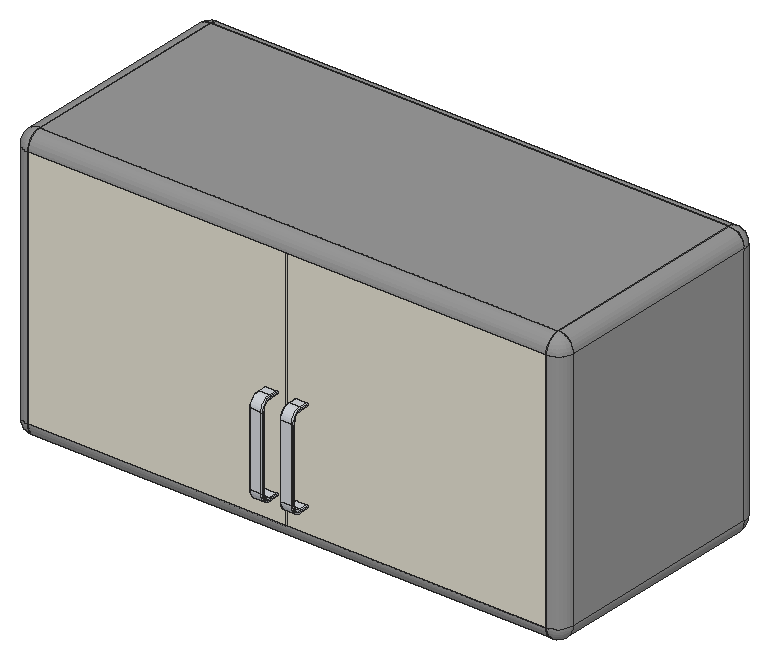
Revit family "Шкаф медицинский навесной двухдверный ДМ-2-002-04", category Оборудование, Revit 2017
Family settings
  Размер круглого соединителя = Использовать диаметр
  Тип детали = Нормальный
  На основе рабочей плоскости = Нет
  Всегда вертикально = Да
  При загрузке вырезать с полостями = Нет
  Общий = Нет
  Точка расчета площади = Нет
Parameters (values of type "Тип")
  Фасад = Столешница медицинской мебели ДСП с пластиковым покрытием
  Ручки = Алюминий 7075
  Панели = Пластмасса, непрозрачная, белая
  Общ_Ширина = 900.0 mm
  Общ_Тип, марка = "ДМ-2-002-04"
  Общ_Примечание КР [instance] = ""
  Общ_Примечание АР [instance] = ""
  Общ_Примечание = ""
  Общ_Поставщик = "Доктор Мебель"
  Общ_Позиция = ""
  Общ_Наименование = "Шкаф медицинский навесной двухдверный"
  Общ_Масса = ""
  Общ_Код продукции = ""
  Общ_Единицы измерения = "шт."
  Общ_Глубина = 400.0 mm
  Общ_Высота = 450.0 mm
  Ножки = Пластмасса, непрозрачная, черная
  Keynote = ""
  Каркас = Алюминий 7075
  Длина ручек = 150.0 mm
  Model = ""
Reference planes
  plane 1 "По центру (Вперед/Назад)": y = 0
  plane 2: z = 0
  plane 3 "По центру (Влево/Вправо)": x = 0
  plane 4: x = 450
  plane 5: x = -450
  plane 6: y = 200
  plane 7: y = -200
  plane 8: y = 175
  plane 9: y = -175
  plane 10: x = 425
  plane 11: x = -425
Forms (mm)
  Extrusion 1, solid, material "Алюминий 7075" <- "Каркас", detail levels fine
    sketch origin (0, 0, 0) x (1, 0, 0) y (0, 1, 0)
      loop
        arc (-425, 200) -> (-442.678, 192.678) -> (-450, 175) r 25
        line (-450, 175) -> (-425, 175) -> (-425, 200)
      loop
        line (425, 200) -> (425, 175) -> (450, 175)
        arc (450, 175) -> (442.678, 192.678) -> (425, 200) r 25
      loop
        line (450, -175) -> (425, -175) -> (425, -200)
        arc (425, -200) -> (442.678, -192.678) -> (450, -175) r 25
      loop
        line (-425, -200) -> (-425, -175) -> (-450, -175)
        arc (-450, -175) -> (-442.678, -192.678) -> (-425, -200) r 25
    from 425 to 25
  Extrusion 2, solid, material "Пластмасса, непрозрачная, белая" <- "Панели", detail levels fine
    sketch origin (0, 0, 0) x (1, 0, 0) y (0, 1, 0)
      loop
        line (-425, 175) -> (-425, -175) -> (425, -175) -> (425, 175) -> (-425, 175)
    from 434 to 450
  Extrusion 3, solid, material "Столешница медицинской мебели ДСП с пластиковым покрытием" <- "Фасад", detail levels fine
    sketch origin (0, 0, 0) x (1, 0, 0) y (0, 1, 0)
      loop
        line (425, -184) -> (1, -184) -> (1, -200) -> (425, -200) -> (425, -184)
      loop
        line (-425, -184) -> (-425, -200) -> (-1, -200) -> (-1, -184) -> (-425, -184)
    from 25 to 425
  Revolve 4, solid, material "Алюминий 7075" <- "Каркас", detail levels fine
    sketch origin (0, 175, -50) x (-1, 0, 0) y (0, 0, 1)
      loop
        arc (-425, 500) -> (-442.678, 492.678) -> (-450, 475) r 25
        line (-450, 475) -> (-425, 475) -> (-425, 500)
      axis (-425, 500) -> (-425, 475)
    angle from 0 to -90
  Revolve 5, solid, material "Алюминий 7075" <- "Каркас", detail levels fine
    sketch origin (0, 175, -50) x (-1, 0, 0) y (0, 0, 1)
      loop
        line (425, 500) -> (425, 475) -> (450, 475)
        arc (450, 475) -> (442.678, 492.678) -> (425, 500) r 25
      axis (425, 500) -> (425, 475)
    angle from 0 to -90
  Revolve 6, solid, material "Алюминий 7075" <- "Каркас", detail levels fine
    sketch origin (0, -175, -50) x (-1, 0, 0) y (0, 0, -1)
      loop
        line (-425, -500) -> (-425, -475) -> (-450, -475)
        arc (-450, -475) -> (-442.678, -492.678) -> (-425, -500) r 25
      axis (-425, -500) -> (-425, -475)
    angle from 0 to -90
  Revolve 7, solid, material "Алюминий 7075" <- "Каркас", detail levels fine
    sketch origin (0, -175, -50) x (-1, 0, 0) y (0, 0, -1)
      loop
        arc (425, -500) -> (442.678, -492.678) -> (450, -475) r 25
        line (450, -475) -> (425, -475) -> (425, -500)
      axis (425, -500) -> (425, -475)
    angle from 0 to -90
  Extrusion 8, solid, material "Алюминий 7075" <- "Каркас", detail levels fine
    sketch origin (-450, 760, -50) x (0, 1, 0) y (0, 0, 1)
      loop
        arc (-560, 475) -> (-567.322, 492.678) -> (-585, 500) r 25
        line (-585, 500) -> (-585, 475) -> (-560, 475)
      loop
        line (-960, 475) -> (-935, 475) -> (-935, 500)
        arc (-935, 500) -> (-952.678, 492.678) -> (-960, 475) r 25
    from 25 to 875
  Extrusion 9, solid, material "Алюминий 7075" <- "Каркас", detail levels fine
    sketch origin (-450, 760, 500) x (0, 1, 0) y (0, 0, 1)
      loop
        line (-560, -475) -> (-585, -475) -> (-585, -500)
        arc (-585, -500) -> (-567.322, -492.678) -> (-560, -475) r 25
      loop
        arc (-960, -475) -> (-952.678, -492.678) -> (-935, -500) r 25
        line (-935, -500) -> (-935, -475) -> (-960, -475)
    from 25 to 875
  Extrusion 10, solid, material "Алюминий 7075" <- "Каркас", detail levels fine
    sketch origin (-590, -200, 500) x (-1, 0, 0) y (0, 0, 1)
      loop
        line (-140, -475) -> (-165, -475) -> (-165, -500)
        arc (-165, -500) -> (-147.322, -492.678) -> (-140, -475) r 25
      loop
        arc (-1040, -475) -> (-1032.678, -492.678) -> (-1015, -500) r 25
        line (-1015, -500) -> (-1015, -475) -> (-1040, -475)
    from 25 to 375
  Extrusion 11, solid, material "Пластмасса, непрозрачная, белая" <- "Панели", detail levels fine
    sketch origin (0, 0, 0) x (1, 0, 0) y (0, 1, 0)
      loop
        line (-450, -175) -> (425, -175) -> (450, -175) -> (450, 175) -> (425, 175) -> (425, 200) -> (-425, 200) -> (-425, 175) -> (-450, 175) -> (-450, -175)
    from 25 to 425
  Extrusion 12, solid, material "Пластмасса, непрозрачная, белая" <- "Панели", detail levels fine
    sketch origin (0, 0, 0) x (1, 0, 0) y (0, 1, 0)
      loop
        line (-425, 175) -> (-425, -175) -> (425, -175) -> (425, 175) -> (-425, 175)
    from 0 to 25
  Revolve 13, solid, material "Алюминий 7075" <- "Каркас", detail levels fine
    sketch origin (0, 175, 500) x (-1, 0, 0) y (0, 0, 1)
      loop
        line (-425, -500) -> (-425, -475) -> (-450, -475)
        arc (-450, -475) -> (-442.678, -492.678) -> (-425, -500) r 25
      axis (-425, -500) -> (-425, -475)
    angle from 0 to -90
  Revolve 14, solid, material "Алюминий 7075" <- "Каркас", detail levels fine
    sketch origin (0, 175, 500) x (-1, 0, 0) y (0, 0, 1)
      loop
        arc (425, -500) -> (442.678, -492.678) -> (450, -475) r 25
        line (450, -475) -> (425, -475) -> (425, -500)
      axis (425, -500) -> (425, -475)
    angle from 0 to -90
  Revolve 15, solid, material "Алюминий 7075" <- "Каркас", detail levels fine
    sketch origin (0, -175, 500) x (-1, 0, 0) y (0, 0, -1)
      loop
        arc (-425, 500) -> (-442.678, 492.678) -> (-450, 475) r 25
        line (-450, 475) -> (-425, 475) -> (-425, 500)
      axis (-425, 500) -> (-425, 475)
    angle from 0 to -90
  Revolve 16, solid, material "Алюминий 7075" <- "Каркас", detail levels fine
    sketch origin (0, -175, 500) x (-1, 0, 0) y (0, 0, -1)
      loop
        line (425, 500) -> (425, 475) -> (450, 475)
        arc (450, 475) -> (442.678, 492.678) -> (425, 500) r 25
      axis (425, 500) -> (425, 475)
    angle from 0 to -90
  Extrusion 17, solid, material "Алюминий 7075" <- "Каркас", detail levels fine
    sketch origin (-590, -200, -50) x (-1, 0, 0) y (0, 0, 1)
      loop
        arc (-140, 475) -> (-147.322, 492.678) -> (-165, 500) r 25
        line (-165, 500) -> (-165, 475) -> (-140, 475)
      loop
        line (-1040, 475) -> (-1015, 475) -> (-1015, 500)
        arc (-1015, 500) -> (-1032.678, 492.678) -> (-1040, 475) r 25
    from 25 to 375
Lines and regions (mm)
  symbolic lines, detail levels coarse+medium
    curve 1: line (-450, 200, 0) -> (450, 200, 0)
    curve 2: line (-450, -200, 0) -> (-450, 200, 0)
    curve 3: line (450, -200, 0) -> (-450, -200, 0)
    curve 4: line (450, 200, 0) -> (450, -200, 0)
    curve 5: line (-450, -200, 0) -> (0, 200, 0)
    curve 6: line (450, -200, 0) -> (0, 200, 0)
Dimensions and locks
  "Общ_Глубина": plane 6 to plane 7
  locked: plane 9 to plane 7 at 25
  locked: plane 6 to plane 8 at 25
  equal spacing: plane 6, plane 1 "По центру (Вперед/Назад)", plane 7
  equal spacing: plane 5, plane 3 "По центру (Влево/Вправо)", plane 4
  "Общ_Ширина": plane 5 to plane 4
  locked: plane 5 to plane 11 at 25
  locked: plane 10 to plane 4 at 25
  aligned and locked: level to plane 2
Automatic sketch dimensions
  Extrusion 1 sketch curve to plane 5 = 0.0 mm  (x2)
  Extrusion 1 sketch curve to plane 8 = 0.0 mm  (x2)
  Extrusion 1 sketch curve to plane 6 = 0.0 mm  (x2)
  plane 9 to Extrusion 1 sketch curve = 0.0 mm  (x2)
  Extrusion 1 sketch curve to plane 7 = 0.0 mm  (x2)
  Extrusion 1 sketch curve to plane 4 = 0.0 mm  (x2)
  plane 9 to Extrusion 2 sketch curve = 0.0 mm
  Extrusion 2 sketch curve to plane 8 = 0.0 mm
  plane 5 to Extrusion 2 sketch curve = 25.0 mm
  Extrusion 2 sketch curve to plane 4 = 25.0 mm
  Extrusion 3 sketch curve to plane 7 = 0.0 mm  (x2)
  plane 9 to Extrusion 3 sketch curve = 9.0 mm
  plane 5 to Extrusion 3 sketch curve = 25.0 mm
  Extrusion 3 sketch curve to plane 3 "По центру (Влево/Вправо)" = 1.0 mm
  plane 3 "По центру (Влево/Вправо)" to Extrusion 3 sketch curve = 1.0 mm
  Extrusion 3 sketch curve to plane 4 = 25.0 mm
  Extrusion 3 sketch curve to Extrusion 3 sketch curve = 0.0 mm
  Revolve 4 sketch curve to plane 4 = 0.0 mm
  Revolve 4 sketch curve to Revolve 4 sketch curve = 25.0 mm  (x2)
  level to Revolve 4 sketch curve = 425.0 mm
  Revolve 4 sketch curve to plane 4 = 25.0 mm
  Revolve 4 sketch curve to Revolve 4 sketch curve = 35.0 mm
  Revolve 5 sketch curve to plane 5 = 0.0 mm
  plane 5 to Revolve 5 sketch curve = 25.0 mm
  level to Revolve 5 sketch curve = 425.0 mm
  Revolve 5 sketch curve to Revolve 5 sketch curve = 0.0 mm
  Revolve 5 sketch curve to Revolve 5 sketch curve = 10.0 mm
  Revolve 5 sketch curve to Revolve 5 sketch curve = 18.44 mm
  Revolve 6 sketch curve to plane 4 = 0.0 mm
  Revolve 6 sketch curve to Revolve 6 sketch curve = 25.0 mm  (x2)
  level to Revolve 6 sketch curve = 450.0 mm
  Revolve 6 sketch curve to plane 4 = 25.0 mm
  Revolve 6 sketch curve to Revolve 6 sketch curve = 35.0 mm
  Revolve 7 sketch curve to plane 5 = 0.0 mm
  plane 5 to Revolve 7 sketch curve = 25.0 mm
  level to Revolve 7 sketch curve = 450.0 mm
  Revolve 7 sketch curve to Revolve 7 sketch curve = 0.0 mm
  Revolve 7 sketch curve to Revolve 7 sketch curve = 18.44 mm
  Revolve 7 sketch curve to Revolve 7 sketch curve = 10.0 mm
  Extrusion 8 sketch curve to plane 7 = 0.0 mm
  Extrusion 8 sketch curve to plane 9 = 0.0 mm
  Extrusion 8 sketch curve to plane 8 = 0.0 mm
  Extrusion 8 sketch curve to plane 6 = 0.0 mm
  level to Extrusion 8 sketch curve = 425.0 mm
  Extrusion 8 sketch curve to Extrusion 8 sketch curve = 0.0 mm
  Extrusion 9 sketch curve to plane 7 = 0.0 mm
  Extrusion 9 sketch curve to plane 9 = 0.0 mm
  Extrusion 9 sketch curve to plane 8 = 0.0 mm
  Extrusion 9 sketch curve to plane 6 = 0.0 mm
  Extrusion 9 sketch curve to level = 0.0 mm  (x2)
  Extrusion 10 sketch curve to plane 4 = 0.0 mm
  Extrusion 10 sketch curve to level = 0.0 mm  (x2)
  Extrusion 10 sketch curve to plane 5 = 0.0 mm
  level to Extrusion 10 sketch curve = 25.0 mm  (x2)
  Extrusion 11 sketch curve to plane 5 = 0.0 mm
  Extrusion 11 sketch curve to plane 6 = 0.0 mm
  Extrusion 11 sketch curve to plane 8 = 0.0 mm  (x2)
  plane 9 to Extrusion 11 sketch curve = 0.0 mm
  Extrusion 11 sketch curve to plane 4 = 0.0 mm
  plane 5 to Extrusion 11 sketch curve = 25.0 mm
  Extrusion 11 sketch curve to plane 4 = 25.0 mm
  Extrusion 11 sketch curve to Extrusion 11 sketch curve = 25.0 mm
  Extrusion 12 sketch curve to plane 8 = 0.0 mm
  plane 9 to Extrusion 12 sketch curve = 0.0 mm
  plane 5 to Extrusion 12 sketch curve = 25.0 mm
  Extrusion 12 sketch curve to plane 4 = 25.0 mm
  Revolve 13 sketch curve to plane 4 = 0.0 mm
  Revolve 13 sketch curve to level = 0.0 mm
  Revolve 13 sketch curve to Revolve 13 sketch curve = 25.0 mm  (x2)
  Revolve 13 sketch curve to plane 4 = 25.0 mm
  Revolve 13 sketch curve to level = 35.0 mm
  Revolve 14 sketch curve to level = 0.0 mm
  Revolve 14 sketch curve to plane 5 = 0.0 mm
  level to Revolve 14 sketch curve = 25.0 mm
  Revolve 14 sketch curve to Revolve 14 sketch curve = 0.0 mm
  Revolve 14 sketch curve to Revolve 14 sketch curve = 18.44 mm
  Revolve 14 sketch curve to Revolve 14 sketch curve = 10.0 mm
  Revolve 15 sketch curve to plane 4 = 0.0 mm
  Revolve 15 sketch curve to level = 0.0 mm
  Revolve 15 sketch curve to Revolve 15 sketch curve = 25.0 mm  (x2)
  Revolve 15 sketch curve to plane 4 = 25.0 mm
  Revolve 15 sketch curve to level = 35.0 mm
  Revolve 16 sketch curve to level = 0.0 mm
  Revolve 16 sketch curve to plane 5 = 0.0 mm
  level to Revolve 16 sketch curve = 25.0 mm
  Revolve 16 sketch curve to Revolve 16 sketch curve = 0.0 mm
  Revolve 16 sketch curve to Revolve 16 sketch curve = 10.0 mm
  Revolve 16 sketch curve to Revolve 16 sketch curve = 18.44 mm
  Extrusion 17 sketch curve to plane 4 = 0.0 mm
  Extrusion 17 sketch curve to plane 5 = 0.0 mm
  Extrusion 17 sketch curve to plane 4 = 25.0 mm
  Extrusion 17 sketch curve to Extrusion 17 sketch curve = 25.0 mm
  level to Extrusion 17 sketch curve = 425.0 mm  (x2)
  curve 3 to plane 5 = 0.0 mm
  curve 5 to plane 3 "По центру (Влево/Вправо)" = 0.0 mm
  curve 3 to plane 4 = 0.0 mm
  curve 6 to plane 7 = 0.0 mm
  curve 2 to plane 6 = 0.0 mm
Nested families
  nested 1: "Ручка дверная для корпусной мебели травмобезопасная" at (25, -200, 140), Материал <- "Ручки", Длина <- "Длина ручек", type "Вертикальная", detail levels fine
    with Материал Алюминий 7075, Длина 150.0 mm
  nested 2: "Ручка дверная для корпусной мебели травмобезопасная" at (-25, -200, 140) x (-1, 0, 0) z (0, 0, 1), Материал <- "Ручки", Длина <- "Длина ручек", type "Вертикальная", detail levels fine
    with Материал Алюминий 7075, Длина 150.0 mm
Definition of nested family "Ручка дверная для корпусной мебели травмобезопасная"
  Parameters (values of type "Вертикальная")
    Материал [instance] = none
    Keynote = ""
    Длина [instance] = 200.0 mm
    Model = ""
    Горизонтальная = no
    Вертикальная = yes
  Types (2, lengths in mm): name | Горизонтальная | Вертикальная
    Вертикальная | no | yes
    Горизонтальная | yes | no
  Reference planes
    plane 1 "По центру (Вперед/Назад)": y = 0
    plane 2: z = 0
    plane 3 "По центру (Влево/Вправо)": x = 0
    plane 4: z = 100
    plane 5: z = -100
    plane 6: x = -100
    plane 7: x = 100
  Forms (mm)
    Sweep 1, solid, visible <- "Вертикальная"
      path origin (-700, -1524, 571.719) x (0, 0, 1) y (0, -1, 0)
        loop
          line (-471.719, -1524) -> (-471.719, -1509)
          arc (-471.719, -1509) -> (-476.113, -1498.393) -> (-486.719, -1494) r 15
          line (-486.719, -1494) -> (-656.719, -1494)
          arc (-656.719, -1494) -> (-667.326, -1498.393) -> (-671.719, -1509) r 15
          line (-671.719, -1509) -> (-671.719, -1524)
      profile origin (-700, -7.5, 100) x (0, 0, -1) y (1, 0, 0)
        loop
          line (2.5, 691.5) -> (2.5, 708.5)
          arc (2.5, 708.5) -> (2.061, 709.561) -> (1, 710) r 1.5
          line (1, 710) -> (-1, 710)
          arc (-1, 710) -> (-2.061, 709.561) -> (-2.5, 708.5) r 1.5
          line (-2.5, 708.5) -> (-2.5, 691.5)
          arc (-2.5, 691.5) -> (-2.061, 690.439) -> (-1, 690) r 1.5
          line (-1, 690) -> (1, 690)
          arc (1, 690) -> (2.061, 690.439) -> (2.5, 691.5) r 1.5
    Sweep 2, solid, visible <- "Горизонтальная"
      path origin (-571.719, -1524, -700) x (-1, 0, 0) y (0, -1, 0)
        loop
          line (-471.719, -1524) -> (-471.719, -1509)
          arc (-471.719, -1509) -> (-476.113, -1498.393) -> (-486.719, -1494) r 15
          line (-486.719, -1494) -> (-656.719, -1494)
          arc (-656.719, -1494) -> (-667.326, -1498.393) -> (-671.719, -1509) r 15
          line (-671.719, -1509) -> (-671.719, -1524)
      profile origin (-100, -7.5, -700) x (1, 0, 0) y (0, 0, 1)
        loop
          line (2.5, 691.5) -> (2.5, 708.5)
          arc (2.5, 708.5) -> (2.061, 709.561) -> (1, 710) r 1.5
          line (1, 710) -> (-1, 710)
          arc (-1, 710) -> (-2.061, 709.561) -> (-2.5, 708.5) r 1.5
          line (-2.5, 708.5) -> (-2.5, 691.5)
          arc (-2.5, 691.5) -> (-2.061, 690.439) -> (-1, 690) r 1.5
          line (-1, 690) -> (1, 690)
          arc (1, 690) -> (2.061, 690.439) -> (2.5, 691.5) r 1.5
  Dimensions and locks
    "Длина": plane 4 to plane 5
    "Длина": plane 7 to plane 6
    equal spacing: plane 7, plane 3 "По центру (Влево/Вправо)", plane 6
    equal spacing: plane 4, level, plane 5
    aligned and locked: level to plane 2
    aligned and locked: plane 4 to Sweep 1 sketch curve
    aligned and locked: Sweep 1 sketch curve to plane 5
    aligned and locked: plane 7 to Sweep 2 sketch curve
    aligned and locked: Sweep 2 sketch curve to plane 6
  Automatic sketch dimensions
    Sweep 1 sketch curve to plane 1 "По центру (Вперед/Назад)" = 0.0 mm  (x2)
    plane 5 to Sweep 1 sketch curve = 15.0 mm
    plane 1 "По центру (Вперед/Назад)" to Sweep 1 sketch curve = 15.0 mm
    Sweep 1 sketch curve to plane 4 = 15.0 mm
    profile plane to Sweep 1 sketch curve = 2.5 mm
    profile plane to Sweep 1 sketch curve = 1.0 mm  (x2)
    Sweep 1 sketch curve to profile plane = 1.0 mm  (x2)
    Sweep 1 sketch curve to Sweep 1 sketch curve = 1.5 mm
    profile plane to Sweep 1 sketch curve = 690.0 mm
    Sweep 1 sketch curve to Sweep 1 sketch curve = 17.0 mm
    profile plane to Sweep 2 sketch curve = 2.5 mm
    profile plane to Sweep 2 sketch curve = 1.0 mm  (x2)
    Sweep 2 sketch curve to profile plane = 1.0 mm  (x2)
    Sweep 2 sketch curve to Sweep 2 sketch curve = 1.5 mm
    profile plane to Sweep 2 sketch curve = 690.0 mm
    Sweep 2 sketch curve to Sweep 2 sketch curve = 17.0 mm
    plane 1 "По центру (Вперед/Назад)" to Sweep 2 sketch curve = 0.0 mm  (x2)
    Sweep 2 sketch curve to plane 7 = 15.0 mm
    plane 1 "По центру (Вперед/Назад)" to Sweep 2 sketch curve = 15.0 mm
    plane 6 to Sweep 2 sketch curve = 15.0 mm
